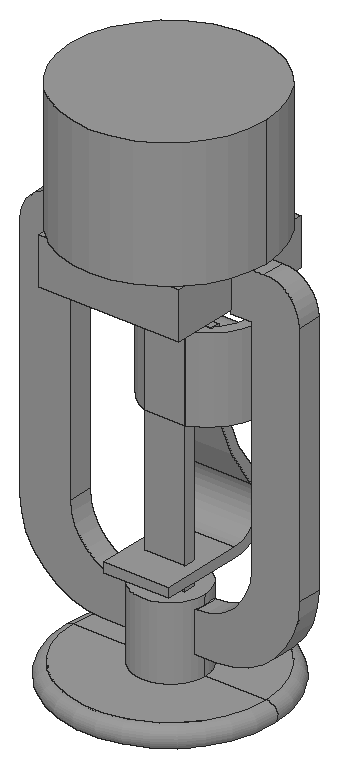
Revit family
Parameters (values of type "RASCO G PENDENT")
  Temperature Rating = 286 °F
  Response = (empty or 0)
  RASCO SIN # = "R1017"
  RASCO Part # = "GP3LC"
  Pressure Rating = "175 PSI"
  Pressure Class = (empty or 0)
  Orifice Size = 17/32"
  Orifice = (empty or 0)
  Model = "G"
  Manufacturer = "RASCO"
  K-Factor = 8.2
  Description = "Chrome Finish"
  Coverage = (empty or 0)
Reference planes (in)
  plane 1 "Center (Front/Back)": y = 0
  plane 2: z = 0
  plane 3 "Center (Left/Right)": x = 0
Dimensions and locks (in)
  aligned and locked: plane 2 to level
Nested families (in)
  nested 1: "GP3LC" at (-0.00619, 0.09712, 2.937) x (-1, 0, 0) z (0, 0, -1), type "RASCO G PENDENT"
Connectors (in)
  piping at (-0.00619, 0.09712, 2.937)
    settings: on nested 1, index 1, connector radius 1/2", flow factor 0, pipe flow 0 GPM, pressure drop 0.00 psi, fitting loss kfactor 0, connector angle 0.00°, fixture units 0, flow configuration 0, flow direction 0, fitting loss method 0, system type 7, connector reference index -1, connector utility 0, adjustable connector no, is connector primary yes, fitting loss table "", connector description ""
Definition of nested family "GP3LC"
  Parameters (values of type "RASCO G PENDENT")
    Type Comments = ""
    Temperature Rating = 0 °F
    Response = (empty or 0)
    Pressure Rating = "0"
    Pressure Class = (empty or 0)
    Orifice Size = 0"
    Orifice = (empty or 0)
    Model = ""
    Manufacturer = ""
    K-Factor = 0
    Description = ""
    Coverage = (empty or 0)
    Assembly Code = ""
  Reference planes (in)
    plane 1 "Center (Front/Back)": y = 0
    plane 2: z = 0
    plane 3 "ref.2": z = 0.6875
    plane 4 "ref.3": z = 0.9375
    plane 5: x = -0.38065
    plane 6: x = 0.36935
    plane 7 "ref. side 1": y = 0.06402
    plane 8 "ref. side 2": y = -0.06098
    plane 9 "ref.4": z = 1.875
    plane 10 "ref.5": z = 2.937
    plane 11 "center": x = -0.00574
  Forms (in)
    Extrusion 1, solid, material "Default"
      sketch origin (0, 0, 0) x (1, 0, 0) y (0, 1, 0)
        loop
          circle (0, 0) r 0.5245
      from 0 to 0.6875
    Extrusion 2, solid, material "Default"
      sketch origin (-0.12185, 0.05177, 0.6875) x (1, 0, 0) y (0, 1, 0)
        loop
          line (-0.2588, 0.356) -> (-0.2588, -0.4565) -> (0.4912, -0.4565) -> (0.4912, 0.356) -> (-0.2588, 0.356)
      from 0 to 0.25
    Extrusion 3, solid, material "Default"
      sketch origin (-0.00034, 0, 0.01527) x (1, 0, 0) y (0, 0, 1)
        loop
          line (-0.49248, 0.9375) -> (-0.49248, 2.1327)
          arc (-0.49248, 2.1327) -> (-0.40724, 2.33849) -> (-0.20145, 2.42373) r 0.29103
          line (-0.20145, 2.42373) -> (0.18108, 2.42373)
          arc (0.18108, 2.42373) -> (0.38905, 2.33759) -> (0.47519, 2.12963) r 0.29411
          line (0.47519, 2.12963) -> (0.47519, 0.9375) -> (0.36935, 0.9375) -> (0.36935, 0.6875) -> (0.55741, 0.6875)
          arc (0.55741, 0.6875) -> (0.69165, 0.7431) -> (0.74725, 0.87734) r 0.18984
          line (0.74725, 0.87734) -> (0.74725, 2.19113)
          arc (0.74725, 2.19113) -> (0.61669, 2.50631) -> (0.3015, 2.63687) r 0.44574
          line (0.3015, 2.63687) -> (-0.30719, 2.63687)
          arc (-0.30719, 2.63687) -> (-0.62225, 2.50637) -> (-0.75275, 2.19131) r 0.44556
          line (-0.75275, 2.19131) -> (-0.75275, 0.87876)
          arc (-0.75275, 0.87876) -> (-0.69673, 0.74352) -> (-0.56149, 0.6875) r 0.19126
          line (-0.56149, 0.6875) -> (-0.38065, 0.6875) -> (-0.38065, 0.9375) -> (-0.49248, 0.9375)
      from -0.06402 to 0.06098
    Extrusion 4, solid, material "Default"
      sketch origin (-0.00199, 0, 2.4995) x (-1, 0, 0) y (0, -1, 0)
        loop
          circle (0.00574, -0.00152) r 0.1875
      from -0.10571 to 0.4375
    Revolve 5, solid, material "Default"
      sketch origin (-0.00271, 0, 0.37011) x (1, 0, 0) y (0, 0, 1)
        loop
          line (-0.00574, 2.41148) -> (-0.00574, 2.52696) -> (-0.52388, 2.52696)
          arc (-0.52388, 2.52696) -> (-0.58162, 2.46922) -> (-0.52388, 2.41148) r 0.05774
          line (-0.52388, 2.41148) -> (-0.00574, 2.41148)
        axis (-0.00574, 2.41148) -> (-0.00574, 2.52696)
      angle from 0 to 360
    Extrusion 6, solid, material "Default"
      sketch origin (0, 0, 0.9375) x (-1, 0, 0) y (0, -1, 0)
        loop
          line (-0.10175, -0.02852) -> (0.11324, -0.02852) -> (0.11324, 0.03101) -> (-0.10175, 0.03101) -> (-0.10175, -0.02852)
      from 0 to 1.45629
    Extrusion 7, solid, material "Default"
      sketch origin (-0.00574, -0.0095, -0.07537) x (0, 0, -1) y (0, -1, 0)
        loop
          line (-2.39379, 0.21198) -> (-2.39379, -0.229)
          arc (-2.39379, -0.229) -> (-2.26956, -0.41579) -> (-2.04926, -0.37342) r 0.20254
          arc (-2.04926, -0.37342) -> (-1.6599, -0.16721) -> (-1.22163, -0.12207) r 1.15319
          line (-1.22163, -0.12207) -> (-1.22163, -0.07087)
          arc (-1.22163, -0.07087) -> (-1.6782, -0.11947) -> (-2.0834, -0.33544) r 1.20419
          arc (-2.0834, -0.33544) -> (-2.24878, -0.36919) -> (-2.34279, -0.229) r 0.15154
          line (-2.34279, -0.229) -> (-2.34279, 0.21198) -> (-2.39379, 0.21198)
      from -0.17255 to 0.17398
    Extrusion 8, solid, material "Default"
      sketch origin (0, 0, 0) x (1, 0, 0) y (0, 1, 0)
        loop
          arc (0.23993, 0.23051) -> (0.19768, 0.11115) -> (0.10175, 0.02852) r 0.24647
          line (0.10175, 0.02852) -> (-0.11324, 0.02852)
          arc (-0.11324, 0.02852) -> (-0.21767, 0.12447) -> (-0.25194, 0.2621) r 0.24647
          line (-0.25194, 0.2621) -> (-0.25194, 0.40777) -> (-0.30719, 0.40777) -> (-0.30719, 0.25942)
          arc (-0.30719, 0.25942) -> (-0.25653, 0.08328) -> (-0.11324, -0.03101) r 0.30157
          line (-0.11324, -0.03101) -> (0.10175, -0.03101)
          arc (0.10175, -0.03101) -> (0.24461, 0.08262) -> (0.29574, 0.25785) r 0.30157
          line (0.29574, 0.25785) -> (0.29574, 0.40777) -> (0.23993, 0.40777) -> (0.23993, 0.23051)
      from 1.14626 to 1.59756
    Extrusion 9, solid, material "Default"
      sketch origin (-0.00574, -0.0095, -0.07537) x (0, 0, -1) y (0, -1, 0)
        loop
          circle (-1.44728, -0.26892) r 0.13147
      from -0.24568 to 0.24619
  Cuts and joins
    joined: Extrusion 1, Extrusion 2, Revolve 5
  Dimensions and locks (in)
    plane 10 "ref.5" to level = 2.937"
